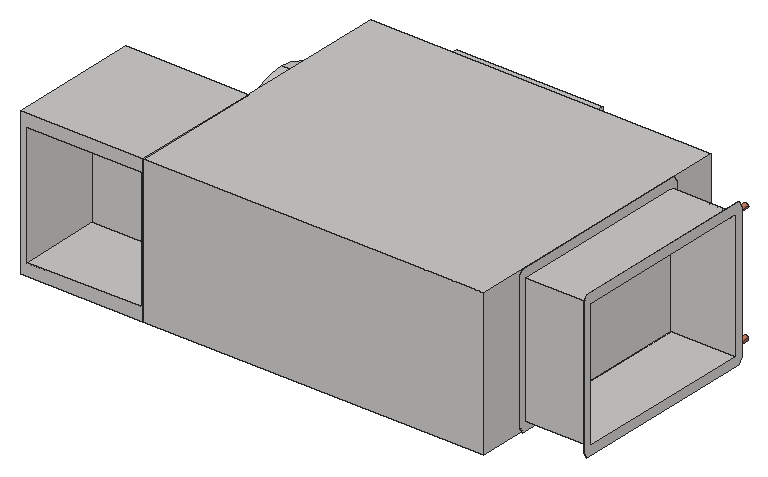
Revit family
Parameters
  Width = 3' - 3"
  Voltage = 208 V
  Unit Weight = if(Number of Rows = 1, "272.0 lbs", if(Number of Rows = 2, "277.0 lbs", "0"))  # "272.0 lbs"
  UltraLoc Liner = Choose Liner Option = 3  # no
  URL = "http://www.titus-hvac.com/"
  UL = "181"
  Supply Air Flow [instance] = 0 CFM
  SteriLoc Liner = Choose Liner Option = 2  # no
  Secondary Material = Copper Connectors
  Primary Air Pressure Drop [instance] = 0.00 in-wg
  Primary Air Flow [instance] = 0 CFM
  Pressure [instance] = 0.00 psi
  Plenum Air Pressure Drop [instance] = 0.00 in-wg
  Plenum Air Flow [instance] = 0 CFM
  Outlet Width = 2' - 1"
  Outlet Height = 1' - 5 1/2"
  Number of Rows = 1
  Number of Poles = 2
  Nominal Width = Width + 0' 6 1/4"  # 3' - 9 1/4"
  Nominal Length = Length + 1' 4 7/8" + 0' 9"  # 6' - 0 5/8"
  Nominal Inlet Size = 1' - 4"
  Nominal Height = 1' - 8"
  NFPA = "90A"
  Motor Full Load Amps [instance] = 4.2 A
  Model = "DTFS-F"
  Min. Air Flow = 0 CFM
  Max. Air Flow = 4000 CFM
  Material = Galvanized Steel
  Manufacturer = "Titus"
  Length = 3' - 10 3/4"
  Juction Box Offset = 0' - 6 7/8"
  Inlet Diameter = Nominal Inlet Size - 0' 0 1/8"  # 1' - 3 7/8"
  Induced Air Inlet Width = 1' - 4 7/8"
  Induced Air Inlet Offset = (Nominal Height - Induced Air Inlet Connection Height) / 2  # 0' - 1 11/16"
  Induced Air Inlet Height = 1' - 6 1/8"
  Induced Air Inlet Connection Width = 1' - 3 3/4"
  Induced Air Inlet Connection Height = 1' - 4 5/8"
  Induced Air Filter = no
  Heating Total Capacity [instance] = 0 Btu/h
  Heating Entering Water Temp = 0 °F
  Half Outlet Width = 1' - 0 1/2"
  Half Outlet Connection Width = Outlet Width / 2  # 1' - 0 1/2"
  Half Outlet Connection Height = Outlet Height / 2  # 0' - 8 3/4"
  Half Height Start = -(Nominal Height / 2)  # -0' - 10"
  Half Height End = Nominal Height / 2  # 0' - 10"
  HWC Option = HWC Section : D-E - 1 Row
  HWC Connector Radius = 5/16"
  HWC Connector Length = 0' - 3"
  HP-Motor = "3/4"
  Gallons Per Minute [instance] = 0 GPM
  Frequency = 60 Hz
  Flange Offset = 0' - 1 1/4"
  Filter Size = "18\"x17\""
  Fiber Free Liner = Choose Liner Option = 1  # no
  Fan Disconnect Switch = no
  Duct Radius = Nominal Inlet Size / 2  # 0' - 8"
  Description = "Ultra Quiet Series Fan Powered Terminal Unit, Direct Digital Control, Pressure Independent"
  Connector Vertical Offset = if(Number of Rows = 1, 1' 4 1/4", if(Number of Rows = 2, 1' 4 3/4", 0' 0"))  # 1' - 4 1/4"
  Connector Horizontal Offset = if(Number of Rows = 1, 0' 0", if(Number of Rows = 2, 0' 1", 0' 0"))  # 0' - 0"
  Connection Void Radius = Connection Radius - 0' 0 1/4"  # 0' - 7 11/16"
  Connection Radius = Inlet Diameter / 2  # 0' - 7 15/16"
  Choose Liner Option = 0
  CADworks URL = "www.CADworks.net"
  Assembly Code = "D3040100"
  Apparent Power [instance] = Voltage * Motor Full Load Amps  # 873.6 VA
  Air Inlet Offset = 0' - 11"
  1/2" Fiberglass Liner = Choose Liner Option = 0  # yes
  1" Fiberglass Liner = Choose Liner Option = 4  # no
Reference planes (in)
  plane 1 "Center (Front/Back)": y = 0
  plane 2: z = 0
  plane 3 "Center (Left/Right)": x = 3
  plane 4: x = -20.375
  plane 5: x = 26.375
  plane 6: x = -13.5
  plane 7: x = -23.75
  plane 8 "Center (Elevation)": z = 0
  plane 9: y = -19.5
  plane 10: y = 19.5
  plane 11: y = 8.5
  plane 12: y = -8.25
  plane 13: z = 0.6875
  plane 14: z = -6.875
  plane 15: x = 35.375
  plane 16: x = 34.375
  plane 17: x = 34.375
  plane 18: y = 15.5
  plane 19: z = -8.125
  plane 20: z = 8.125
  plane 21: y = -12.5
  plane 22: y = 12.5
  plane 23: y = 25.75
  plane 24: x = -37.25
  plane 25: z = 10
  plane 26: z = -10
Forms (in)
  Extrusion 1, solid, material "Galvanized Steel" <- "Material"
    sketch origin (0, 0, 0) x (1, 0, 0) y (0, 1, 0)
      loop
        line (-20.375, 19.5) -> (-20.375, -19.5) -> (26.375, -19.5) -> (26.375, 19.5) -> (-20.375, 19.5)
    from -10 <- "Half Height Start" to 10 <- "Half Height End"
  Extrusion 2, solid, material "Galvanized Steel" <- "Material"
    sketch origin (0, 0, 0) x (1, 0, 0) y (0, 1, 0)
      loop
        line (-37.25, -1.375) -> (-37.25, -19.5) -> (-20.375, -19.5) -> (-20.375, -1.375) -> (-37.25, -1.375)
    from -10 <- "Half Height Start" to 10 <- "Half Height End"
  Extrusion 3, void, detail levels fine
    sketch origin (0, -19.5, 0) x (1, 0, 0) y (0, 0, -1)
      loop
        line (-20.625, 8.3125) -> (-36.375, 8.3125) -> (-36.375, -8.3125) -> (-20.625, -8.3125) -> (-20.625, 8.3125)
    from 0 to 11.25
  Extrusion 4, solid, material "Galvanized Steel" <- "Material"
    sketch origin (3.125, 0, 0) x (1, 0, 0) y (0, 1, 0)
      loop
        line (-16.625, 19.5) -> (3.375, 19.5) -> (3.375, 25.75) -> (-16.625, 25.75) -> (-16.625, 19.5)
    from -6 to 6
  Extrusion 5, solid, material "Galvanized Steel" <- "Material"
    sketch origin (-24.875, -3, 0) x (0, 0, -1) y (0, 1, 0)
      loop
        circle (0, 11.5) r 7.9375
    from 1.125 to 4.5
  Extrusion 6, void, detail levels fine
    sketch origin (-24.875, 0, 0) x (0, 1, 0) y (0, 0, 1)
      loop
        circle (8.5, 0) r 7.6875
    from 1.125 to 11.375
  Extrusion 7, void, detail levels fine
    sketch origin (35.375, -12.5, 8.75) x (0, 0, 1) y (0, -1, 0)
      loop
        line (-17.5, 0) -> (-17.5, -25) -> (0, -25) -> (0, 0) -> (-17.5, 0)
    from -0.0625 to 0
  Extrusion 8, solid, material "Copper Connectors" <- "Secondary Material", detail levels fine
    sketch origin (0, 0, 0) x (1, 0, 0) y (0, 0, 1)
      loop
        circle (34.375, 8.125) r 0.3125
    from -15.5 to -12.5625
  Extrusion 9, solid, material "Copper Connectors" <- "Secondary Material", detail levels fine
    sketch origin (0, 0, 0) x (1, 0, 0) y (0, 0, 1)
      loop
        circle (34.375, -8.125) r 0.3125
    from -15.5 to -12.5625
Cuts and joins
  Extrusion 3 cuts Extrusion 2
  Extrusion 6 cuts Extrusion 1
  Extrusion 6 cuts Extrusion 5
Dimensions and locks (in)
  "Length": plane 5 to plane 4
  equal spacing: plane 5, plane 3 "Center (Left/Right)", plane 4
  locked: Extrusion 4 to Extrusion 4 at 20
  "Juction Box Offset": plane 6 to plane 4
  locked: plane 4 to plane 7 at 3.375
  "Width": plane 9 to plane 10
  equal spacing: plane 9, plane 1 "Center (Front/Back)", plane 10
  locked: Extrusion 5 sketch curve to level at 0
  locked: Extrusion 5 sketch curve to plane 11 at 0
  locked: Extrusion 6 sketch curve to level at 0
  locked: Extrusion 6 sketch curve to plane 11 at 0
  locked: Extrusion 4 to Extrusion 4 at 6.25
  locked: Extrusion 4 to Extrusion 4 at 12
  equal spacing: Extrusion 4, plane 8 "Center (Elevation)", Extrusion 4
  locked: plane 12 to plane 9 at 11.25
  "Air Inlet Offset": plane 10 to plane 11
  "Induced Air Inlet Height": cut or joined group of Extrusion 2, Extrusion 3 to cut or joined group of Extrusion 2, Extrusion 3
  locked: cut or joined group of Extrusion 5, Extrusion 6 to cut or joined group of Extrusion 5, Extrusion 6 at 3.375
  locked: plane 12 to plane 12 at 0
  "Induced Air Inlet Connection Height": Extrusion 3 sketch curve to Extrusion 3 sketch curve
  "Induced Air Inlet Offset": Extrusion 3 sketch curve to cut or joined group of Extrusion 2, Extrusion 3
  "Induced Air Inlet Connection Width": Extrusion 3 sketch curve to Extrusion 3 sketch curve
  locked: Extrusion 3 sketch curve to cut or joined group of Extrusion 1, Extrusion 6 at 0.25
  "Connector Vertical Offset": plane 20 to plane 19
  equal spacing: plane 20, plane 8 "Center (Elevation)", plane 19
  locked: plane 15 to plane 5 at 9
  locked: plane 15 to plane 16 at 1
  "Connector Horizontal Offset": plane 16 to plane 17
  locked: Extrusion 8 sketch curve to plane 17 at 0
  locked: Extrusion 8 sketch curve to plane 20 at 0
  locked: Extrusion 9 sketch curve to plane 16 at 0
  locked: Extrusion 9 sketch curve to plane 19 at 0
  "HWC Connector Length": plane 18 to plane 22
  locked: cut or joined group of Extrusion 1, Extrusion 6 to Extrusion 7 at 9
  locked: cut or joined group of Extrusion 2, Extrusion 3 to cut or joined group of Extrusion 2, Extrusion 3 at 16.875
  locked: cut or joined group of Extrusion 2, Extrusion 3 to cut or joined group of Extrusion 2, Extrusion 3 at 20
  equal spacing: cut or joined group of Extrusion 2, Extrusion 3, plane 8 "Center (Elevation)", cut or joined group of Extrusion 2, Extrusion 3
  locked: cut or joined group of Extrusion 1, Extrusion 6 to cut or joined group of Extrusion 1, Extrusion 6 at 20
  equal spacing: cut or joined group of Extrusion 1, Extrusion 6, plane 8 "Center (Elevation)", cut or joined group of Extrusion 1, Extrusion 6
  locked: nested 1 to cut or joined group of Extrusion 1, Extrusion 6 at 1.1875
  locked: cut or joined group of Extrusion 1, Extrusion 6 to nested 1 at 1.1875
  "Connection Radius": radius of Extrusion 5 sketch curve
  "Connection Void Radius": radius of Extrusion 6 sketch curve
  "HWC Connector Radius": radius of Extrusion 8 sketch curve
  "HWC Connector Radius": radius of Extrusion 9 sketch curve
  aligned and locked: plane 10 to Extrusion 4
  aligned and locked: plane 6 to Extrusion 4
  aligned and locked: plane 7 to cut or joined group of Extrusion 5, Extrusion 6
  aligned and locked: plane 18 to Extrusion 8
  aligned and locked: plane 18 to Extrusion 9
  aligned and locked: plane 9 to cut or joined group of Extrusion 2, Extrusion 3  (x3)
  aligned and locked: plane 5 to nested 1
  aligned and locked: plane 15 to nested 1
  aligned and locked: plane 18 to nested 1  (x2)
  aligned and locked: plane 21 to nested 1
  aligned and locked: plane 22 to nested 1
  aligned and locked: plane 5 to cut or joined group of Extrusion 1, Extrusion 6
  aligned and locked: cut or joined group of Extrusion 1, Extrusion 6 to nested 1
  aligned and locked: cut or joined group of Extrusion 1, Extrusion 6 to plane 10
  aligned and locked: Extrusion 4 to cut or joined group of Extrusion 1, Extrusion 6  (x2)
  aligned and locked: cut or joined group of Extrusion 1, Extrusion 6 to plane 4
  aligned and locked: plane 9 to cut or joined group of Extrusion 1, Extrusion 6
  aligned and locked: cut or joined group of Extrusion 5, Extrusion 6 to cut or joined group of Extrusion 1, Extrusion 6
  aligned and locked: nested 1 to cut or joined group of Extrusion 1, Extrusion 6
  aligned and locked: plane 6 to Extrusion 6
  aligned and locked: Extrusion 6 to plane 7
  aligned and locked: Extrusion 3 to plane 12
  aligned and locked: plane 23 to Extrusion 4
  aligned and locked: plane 24 to cut or joined group of Extrusion 2, Extrusion 3
  aligned and locked: plane 25 to cut or joined group of Extrusion 2, Extrusion 3
  aligned and locked: plane 26 to cut or joined group of Extrusion 2, Extrusion 3
  aligned and locked: plane 26 to cut or joined group of Extrusion 1, Extrusion 6
  aligned and locked: plane 25 to cut or joined group of Extrusion 1, Extrusion 6
Automatic sketch dimensions
  Extrusion 1 sketch curve to plane 4 = 0' - 0"
  Extrusion 1 sketch curve to plane 5 = 0' - 0"
  Extrusion 1 sketch curve to plane 9 = 0' - 0"
  Extrusion 1 sketch curve to plane 10 = 0' - 0"
  Extrusion 2 sketch curve to plane 4 = 0' - 0"
  Extrusion 2 sketch curve to plane 9 = 0' - 0"
  plane 1 "Center (Front/Back)" to Extrusion 2 sketch curve = 0' - 1 3/8"
  Extrusion 4 sketch curve to plane 6 = 0' - 0"
  Extrusion 4 sketch curve to plane 10 = 0' - 0"
  plane 3 "Center (Left/Right)" to Extrusion 4 sketch curve = 0' - 3 1/2"
  Extrusion 4 sketch curve to plane 10 = 0' - 6 1/4"
  Extrusion 2 sketch curve to plane 7 = 1' - 1 1/2"
  Extrusion 7 sketch curve to nested 1 = 0' - 0"  (x4)
Nested families (in)
  nested 1: "HWC Section" at (30.875, 0, 0) x (0, 1, 0) z (0, 0, 1), type <- "HWC Option", type "D-E - 1 Row"
Connectors (in)
  electrical at (-3.5, 25.75, 0), driven by "Apparent Power", driven by "Voltage", driven by "Number of Poles"
    settings: on Extrusion 4, index 8
  hvac at (-23.75, 8.5, 0), driven by "Duct Radius", driven by "Primary Air Pressure Drop", driven by "Primary Air Flow"
    settings: on cut or joined group of Extrusion 5, Extrusion 6, index 9
  hvac at (-28.5, -19.5, 0), driven by "Induced Air Inlet Connection Height", driven by "Induced Air Inlet Connection Width", driven by "Plenum Air Pressure Drop", driven by "Plenum Air Flow"
    settings: on cut or joined group of Extrusion 2, Extrusion 3, index 11
  hvac at (35.375, 0, 0), driven by "Outlet Height", driven by "Outlet Width", driven by "Supply Air Flow"
    settings: on Extrusion 7, index 12
  piping at (34.375, 15.5, 8.125), driven by "Gallons Per Minute", driven by "Pressure", driven by "HWC Connector Radius"
    settings: on Extrusion 8, index 13
  piping at (34.375, 15.5, -8.125), driven by "Gallons Per Minute", driven by "HWC Connector Radius", driven by "Pressure"
    settings: on Extrusion 9, index 14
Definition of nested family "HWC Section"
  Parameters (values of type "B-C - 1 Row")
    Visibility = yes
    Secondary Material = Copper Connectors
    Number of Rows = 1
    Material = Galvanized Steel
    Half Width = HWC Width / 2  # 0' - 10 1/4"
    Half Length-Start = -(HWC Length / 2)  # -0' - 4 1/2"
    Half Length-End = HWC Length / 2  # 0' - 4 1/2"
    HWC Connection Radius = 5/16"
    Flange Offset = 0' - 1"
    Duct Vertical Offset = HWC Height - 0' 0 1/2"  # 1' - 0"
    Duct Horizontal Offset = HWC Width - 0' 0 1/2"  # 1' - 8"
    Connector Vertical Offset = 0' - 11 3/4"
    HWC Width = 1' - 8 1/2"
    HWC Height = 1' - 0 1/2"
    HWC Length = 0' - 9"  # constant formula
    Gallons Per Minute = 0 GPM
    Connector Length = 0' - 3"
    Connector Horizontal Offset = 0' - 0"
  Types (5): name | Number of Rows | Half Width | Flange Offset | Duct Vertical Offset | Duct Horizontal Offset | Connector Vertical Offset | HWC Width | HWC Height | Connector Horizontal Offset
    (no name) | 1 | 0' - 10 1/4" | 0' - 1" | 1' - 0" | 1' - 8" | 0' - 11 3/4" | 1' - 8 1/2" | 1' - 0 1/2" | 0' - 0"
    B-C - 1 Row | 1 | 0' - 10 1/4" | 0' - 1" | 1' - 0" | 1' - 8" | 0' - 11 3/4" | 1' - 8 1/2" | 1' - 0 1/2" | 0' - 0"
    B-C - 2 Row | 2 | 0' - 10 1/4" | 0' - 1" | 1' - 0" | 1' - 8" | 0' - 11 3/4" | 1' - 8 1/2" | 1' - 0 1/2" | 0' - 1"
    D-E - 1 Row | 1 | 1' - 0 1/2" | 0' - 1 1/4" | 1' - 5" | 2' - 0 1/2" | 1' - 4 1/4" | 2' - 1" | 1' - 5 1/2" | 0' - 0"
    D-E - 2 Row | 2 | 1' - 0 1/2" | 0' - 1 1/4" | 1' - 5" | 2' - 0 1/2" | 1' - 4 3/4" | 2' - 1" | 1' - 5 1/2" | 0' - 1"
  Reference planes (in)
    plane 1 "Center (Front/Back)": y = 0
    plane 2: z = 0
    plane 3 "Center (Left/Right)": x = 0
    plane 4: x = -10.25
    plane 5: x = 10.25
    plane 6: y = 4.5
    plane 7: y = -4.5
    plane 8: z = 6.25
    plane 9: z = -6.25
    plane 10: z = 5.875
    plane 11: z = -5.875
    plane 12: y = 3.5
    plane 13: y = 3.5
    plane 14: x = 13.25
  Forms (in)
    Extrusion 1, solid, material "Galvanized Steel" <- "Material", visible <- "Visibility"
      sketch origin (0, 0, 0) x (1, 0, 0) y (0, 0, 1)
        loop
          line (-10.3125, 6.3125) -> (-10.3125, -6.3125) -> (10.3125, -6.3125) -> (10.3125, 6.3125) -> (-10.3125, 6.3125)
      from -4.375 <- "Half Length-Start" to 4.5 <- "Half Length-End"
    Extrusion 2, void, detail levels fine
      sketch origin (0, 0, 0) x (1, 0, 0) y (0, 0, 1)
        loop
          line (-10.25, -6.25) -> (10.25, -6.25) -> (10.25, 6.25) -> (-10.25, 6.25) -> (-10.25, -6.25)
      from -4.5 <- "Half Length-Start" to 4.5 <- "Half Length-End"
    Extrusion 3, solid, material "Copper Connectors" <- "Secondary Material", visible <- "Visibility"
      sketch origin (6, 2.625, 0) x (0, 1, 0) y (0, 0, 1)
        loop
          circle (0.875, -5.875) r 0.3125
      from 4.3125 to 7.25
    Extrusion 4, solid, material "Galvanized Steel" <- "Material", visible <- "Visibility"
      sketch origin (0, -4.375, 0) x (1, 0, 0) y (0, 0, 1)
        loop
          line (-10.25, 6.25) -> (-10.25, -6.25) -> (10.25, -6.25) -> (10.25, 6.25) -> (-10.25, 6.25)
        loop
          line (-11.25, 6.75) -> (-11.25, -6.75) -> (-10.75, -7.25) -> (10.75, -7.25) -> (11.25, -6.75) -> (11.25, 6.75) -> (10.75, 7.25) -> (-10.75, 7.25) -> (-11.25, 6.75)
      from 0 to 0.125
    Extrusion 5, solid, material "Copper Connectors" <- "Secondary Material", visible <- "Visibility"
      sketch origin (6, -0.5, 0) x (0, 1, 0) y (0, 0, 1)
        loop
          circle (4, 5.875) r 0.3125
      from 4.3125 to 7.25
    Extrusion 6, solid, material "Galvanized Steel" <- "Material", visible <- "Visibility"
      sketch origin (0, 4.375, 0) x (1, 0, 0) y (0, 0, -1)
        loop
          line (-10.25, -6.25) -> (10.25, -6.25) -> (10.25, 6.25) -> (-10.25, 6.25) -> (-10.25, -6.25)
        loop
          line (-11.25, -6.75) -> (-10.75, -7.25) -> (10.75, -7.25) -> (11.25, -6.75) -> (11.25, 6.75) -> (10.75, 7.25) -> (-10.75, 7.25) -> (-11.25, 6.75) -> (-11.25, -6.75)
      from 0 to 0.125
  Cuts and joins
    Extrusion 2 cuts Extrusion 1
    joined: Extrusion 1, Extrusion 4, Extrusion 6
  Dimensions and locks (in)
    "HWC Width": plane 4 to plane 5
    equal spacing: plane 4, plane 3 "Center (Left/Right)", plane 5
    "HWC Height": plane 8 to plane 9
    equal spacing: plane 8, plane 2, plane 9
    equal spacing: plane 10, plane 2, plane 11
    locked: plane 12 to plane 6 at 1
    "Connector Horizontal Offset": plane 13 to plane 12
    locked: plane 7 to Extrusion 4 at 0.125
    locked: Extrusion 6 to plane 6 at 0.125
    locked: plane 4 to Extrusion 1 sketch curve at 0.0625
    locked: Extrusion 4 to Extrusion 1 sketch curve at 0.0625
    locked: Extrusion 1 sketch curve to plane 8 at 0.0625
    locked: plane 9 to Extrusion 1 sketch curve at 0.0625
    "Connector Length": plane 5 to plane 14
    "HWC Length": plane 6 to plane 7
    equal spacing: plane 6, plane 1 "Center (Front/Back)", plane 7
    "Connector Vertical Offset": plane 10 to plane 11
    equal spacing: plane 10, level, plane 11
    "HWC Width": Extrusion 4 sketch curve to Extrusion 4 sketch curve
    equal spacing: Extrusion 4 sketch curve, plane 3 "Center (Left/Right)", Extrusion 4 sketch curve
    "HWC Height": Extrusion 4 sketch curve to Extrusion 4 sketch curve
    equal spacing: Extrusion 4 sketch curve, plane 2, Extrusion 4 sketch curve
    locked: cut or joined group of Extrusion 1, Extrusion 2, Extrusion 4, Extrusion 6 to plane 4 at 1  (x2)
    locked: cut or joined group of Extrusion 1, Extrusion 2, Extrusion 4, Extrusion 6 to plane 5 at 1  (x2)
    "HWC Width": Extrusion 6 sketch curve to Extrusion 6 sketch curve
    "HWC Height": Extrusion 6 sketch curve to Extrusion 6 sketch curve
    equal spacing: Extrusion 6 sketch curve, plane 3 "Center (Left/Right)", Extrusion 6 sketch curve
    equal spacing: Extrusion 6 sketch curve, plane 2, Extrusion 6 sketch curve
    "HWC Height": Extrusion 2 sketch curve to Extrusion 2 sketch curve
    "HWC Width": Extrusion 2 sketch curve to Extrusion 2 sketch curve
    equal spacing: Extrusion 2 sketch curve, plane 3 "Center (Left/Right)", Extrusion 2 sketch curve
    equal spacing: Extrusion 2 sketch curve, plane 2, Extrusion 2 sketch curve
    locked: plane 5 to Extrusion 3 at 0.0625
    locked: plane 5 to Extrusion 5 at 0.0625
    "Flange Offset": cut or joined group of Extrusion 1, Extrusion 2, Extrusion 4, Extrusion 6 to plane 8
    "Flange Offset": plane 9 to cut or joined group of Extrusion 1, Extrusion 2, Extrusion 4, Extrusion 6
    "Flange Offset": plane 8 to cut or joined group of Extrusion 1, Extrusion 2, Extrusion 4, Extrusion 6
    "Flange Offset": cut or joined group of Extrusion 1, Extrusion 2, Extrusion 4, Extrusion 6 to plane 9
    "HWC Connection Radius": radius of Extrusion 3 sketch curve
    "HWC Connection Radius": radius of Extrusion 5 sketch curve
    aligned and locked: plane 7 to Extrusion 4
    aligned and locked: plane 6 to Extrusion 6
    aligned and locked: plane 14 to Extrusion 5
    aligned and locked: plane 14 to Extrusion 3
    aligned and locked: Extrusion 6 to cut or joined group of Extrusion 1, Extrusion 2, Extrusion 4, Extrusion 6
    aligned and locked: Extrusion 4 to Extrusion 4
  Automatic sketch dimensions
    Extrusion 3 sketch curve to plane 11 = 0' - 0"
    Extrusion 3 sketch curve to plane 12 = 0' - 0"
    Extrusion 5 sketch curve to plane 10 = 0' - 0"
    Extrusion 5 sketch curve to plane 13 = 0' - 0"
    plane 4 to Extrusion 6 sketch curve = 0' - 1"
    plane 4 to Extrusion 6 sketch curve = 0' - 0 1/2"  (x2)
    Extrusion 6 sketch curve to plane 5 = 0' - 0 1/2"  (x2)
    Extrusion 6 sketch curve to Extrusion 6 sketch curve = 0' - 0 1/2"  (x3)
    plane 8 to Extrusion 6 sketch curve = 0' - 0 1/2"  (x2)
    Extrusion 6 sketch curve to plane 9 = 0' - 0 1/2"  (x2)
    plane 4 to Extrusion 4 sketch curve = 0' - 0 1/2"  (x2)
    Extrusion 4 sketch curve to Extrusion 4 sketch curve = 0' - 0 1/2"  (x4)
    Extrusion 4 sketch curve to plane 5 = 0' - 0 1/2"  (x2)
    Extrusion 4 sketch curve to plane 9 = 0' - 0 1/2"  (x2)
    plane 8 to Extrusion 4 sketch curve = 0' - 0 1/2"  (x2)
